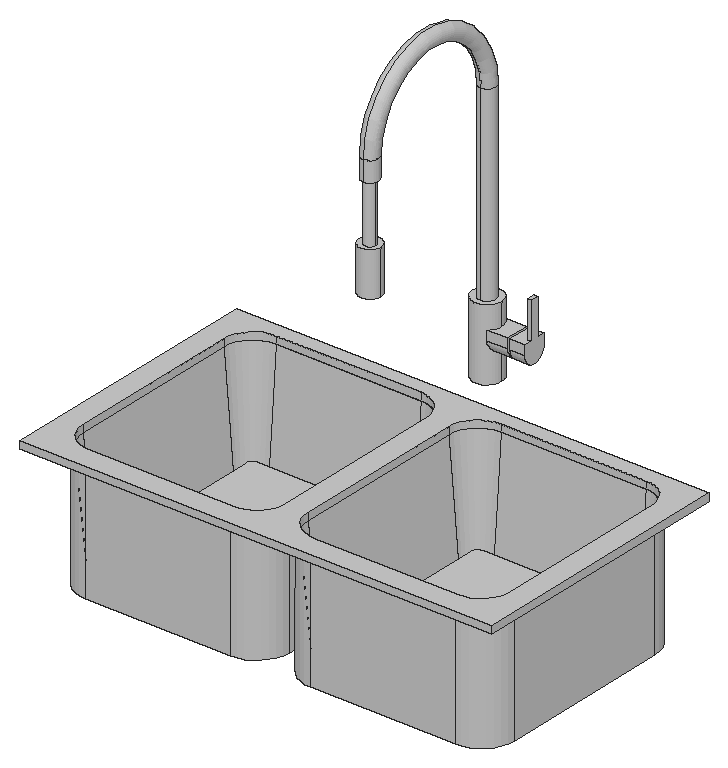
Revit family "AO_Plumb_SinkKitchenDouble_IRVINE_CO", category Plumbing Fixtures, Revit 2019
Family settings
  Round Connector Dimension = Use Diameter
  Part Type = Normal
  OmniClass Number = 23.45.05.14.14
  OmniClass Title = Sinks/Lavatories
  Work Plane-Based = No
  Always vertical = Yes
  Cut with Voids When Loaded = No
  Shared = Yes
  Room Calculation Point = No
Parameters (values of type "30" Standard")
  Keynote = "301"
  Assembly Code = "D2010410"
  Counter Height = 3' - 0"
  Depth = 1' - 6 1/2"
  Faucet Material = Metal - Steel, Polished
  Sink Material = Metal - Steel, Polished
  Width = 2' - 8 1/4"
  ADA [instance] = yes
Reference planes (in)
  plane 1 "Center (Front/Back)": y = 0.34234
  plane 2: z = 0
  plane 3 "Center (Left/Right)": x = 0.61769
  plane 4: y = 9.34234
  plane 5: y = -9.15766
  plane 6: x = -15.50731
  plane 7: x = 16.74269
  plane 8 "Top Of Counter": z = 36
  plane 9: z = 36.5
  plane 10: z = 27.5
  plane 11: y = 8.34234
  plane 12: x = -14.00731
  plane 13: y = -7.65766
  plane 14: x = 15.24269
  plane 15: y = 10.59234
  plane 16: y = 10.59234
  plane 17: z = 56.375
  plane 18: y = 4.71734
  plane 19: z = 39
  plane 20: z = 40.875
  plane 21: x = -6.69481
  plane 22: x = 7.93019
  plane 23: z = 27.875
  plane 24: z = 108
  plane 25: z = 58.875
  plane 26: z = 52.5
  plane 27: y = 0.59234
  plane 28: y = 0.59234
  plane 29: z = 48.5
  plane 30: z = 34.5
  plane 31: x = -0.13231
  plane 32: x = 1.36769
Forms (in)
  Sweep 1, solid, material "Metal - Steel, Polished" <- "Faucet Material"
    path origin (0.61769, 1.75, 0) x (0, 1, 0) y (0, 0, 1)
      loop
        line (8.84234, 36.5) -> (8.84234, 53.875)
        arc (8.84234, 53.875) -> (3.84234, 58.875) -> (-1.15766, 53.875) r 5
        line (-1.15766, 53.875) -> (-1.15766, 52.5)
    profile origin (0.61769, 0, 45.1875) x (0, -1, 0) y (1, 0, 0)
      loop
        circle (-10.59234, 0) r 0.5625
  Extrusion 2, solid, material "Metal - Steel, Polished" <- "Faucet Material"
    sketch origin (0, 1.75, 0) x (1, 0, 0) y (0, 1, 0)
      loop
        circle (0.61769, 8.84234) r 1
    from 36 to 40.875
  Extrusion 3, solid, material "Metal - Steel, Polished" <- "Faucet Material"
    sketch origin (0, -7.75, 0) x (1, 0, 0) y (0, 1, 0)
      loop
        circle (0.61769, 8.34234) r 0.75
    from 45.5 to 48.5
  Extrusion 4, solid, material "Metal - Steel, Polished" <- "Faucet Material"
    sketch origin (0, -7.75, 0) x (1, 0, 0) y (0, 1, 0)
      loop
        circle (0.61769, 8.34234) r 0.375
    from 48.5 to 52.5
  Extrusion 5, solid, material "Metal - Steel, Polished" <- "Faucet Material"
    sketch origin (14.36769, -6.90766, 26) x (0, 1, 0) y (0, 0, 1)
      loop
        arc (16.6875, 12.6875) -> (17.5, 11.875) -> (18.3125, 12.6875) r 0.8125
        line (18.3125, 12.6875) -> (18.3125, 13.375) -> (16.6875, 13.375) -> (16.6875, 12.6875)
    from -13.18134 to -11.70286
  Extrusion 6, solid, material "Metal - Steel, Polished"
    sketch origin (14.36769, -6.90766, 26) x (0, 1, 0) y (0, 0, 1)
      loop
        arc (16.6875, 12.6875) -> (17.5, 11.875) -> (18.3125, 12.6875) r 0.8125
        line (18.3125, 12.6875) -> (18.3125, 13.375) -> (16.6875, 13.375) -> (16.6875, 12.6875)
    from -11.52567 to -10.51558
  Extrusion 7, solid, material "Metal - Steel, Polished"
    sketch origin (3.8521, -6.90766, 26) x (0, 1, 0) y (0, 0, 1)
      loop
        line (17.25, 13.375) -> (17.75, 13.375) -> (17.75, 15.875) -> (17.25, 15.875) -> (17.25, 13.375)
    from -0.25 to 0
  Sweep 8, solid, material "Metal - Steel, Polished" <- "Sink Material"
    path origin (0, 0.08988, -1.5) x (1, 0, 0) y (0, 1, 0)
      loop
        arc (-12.00731, 8.25245) -> (-13.42153, 7.66667) -> (-14.00731, 6.25245) r 2
        line (-14.00731, 6.25245) -> (-14.00731, -5.74755)
        arc (-14.00731, -5.74755) -> (-13.42153, -7.16176) -> (-12.00731, -7.74755) r 2
        line (-12.00731, -7.74755) -> (-2.13231, -7.74755)
        arc (-2.13231, -7.74755) -> (-0.7181, -7.16176) -> (-0.13231, -5.74755) r 2
        line (-0.13231, -5.74755) -> (-0.13231, 6.25245)
        arc (-0.13231, 6.25245) -> (-0.7181, 7.66667) -> (-2.13231, 8.25245) r 2
        line (-2.13231, 8.25245) -> (-12.00731, 8.25245)
    profile origin (-7.06981, 0, 0) x (0, 1, 0) y (0, 0, 1)
      loop
        line (8.34234, 34.5) -> (7.69139, 27.05963)
        arc (7.69139, 27.05963) -> (7.45094, 26.57204) -> (6.94424, 26.375) r 0.75
        line (6.94424, 26.375) -> (6.84234, 26.375) -> (6.84234, 26) -> (8.59234, 26) -> (8.59234, 34.5) -> (8.34234, 34.5)
  Extrusion 9, solid, material "Metal - Steel, Polished" <- "Sink Material"
    sketch origin (-0.096, 0.08988, 0) x (1, 0, 0) y (0, 1, 0)
      loop
        arc (-11.91131, 6.75245) -> (-12.26487, 6.60601) -> (-12.41131, 6.25245) r 0.5
        line (-12.41131, 6.25245) -> (-12.41131, -5.74755)
        arc (-12.41131, -5.74755) -> (-12.26487, -6.1011) -> (-11.91131, -6.24755) r 0.5
        line (-11.91131, -6.24755) -> (-2.03631, -6.24755)
        arc (-2.03631, -6.24755) -> (-1.68276, -6.1011) -> (-1.53631, -5.74755) r 0.5
        line (-1.53631, -5.74755) -> (-1.53631, 6.25245)
        arc (-1.53631, 6.25245) -> (-1.68276, 6.60601) -> (-2.03631, 6.75245) r 0.5
        line (-2.03631, 6.75245) -> (-11.91131, 6.75245)
      loop
        circle (-6.59881, 0.25245) r 1
    from 27.5 to 27.875
  Sweep 10, solid, material "Metal - Steel, Polished" <- "Sink Material"
    path origin (1.13937, 0.08988, -1.5) x (-1, 0, 0) y (0, -1, 0)
      loop
        line (-12.10331, -8.25245) -> (-2.22831, -8.25245)
        arc (-2.22831, -8.25245) -> (-0.8141, -7.66667) -> (-0.22831, -6.25245) r 2
        line (-0.22831, -6.25245) -> (-0.22831, 5.74755)
        arc (-0.22831, 5.74755) -> (-0.8141, 7.16176) -> (-2.22831, 7.74755) r 2
        line (-2.22831, 7.74755) -> (-12.10331, 7.74755)
        arc (-12.10331, 7.74755) -> (-13.51753, 7.16176) -> (-14.10331, 5.74755) r 2
        line (-14.10331, 5.74755) -> (-14.10331, -6.25245)
        arc (-14.10331, -6.25245) -> (-13.51753, -7.66667) -> (-12.10331, -8.25245) r 2
    profile origin (8.30519, 0, 0) x (0, -1, 0) y (0, 0, 1)
      loop
        line (-8.34234, 34.5) -> (-8.59234, 34.5) -> (-8.59234, 26) -> (-6.84234, 26) -> (-6.84234, 26.375) -> (-6.94424, 26.375)
        arc (-6.94424, 26.375) -> (-7.45094, 26.57204) -> (-7.69139, 27.05963) r 0.75
        line (-7.69139, 27.05963) -> (-8.34234, 34.5)
  Extrusion 11, solid, material "Metal - Steel, Polished" <- "Sink Material"
    sketch origin (-0.096, 0.08988, 0) x (1, 0, 0) y (0, 1, 0)
      loop
        arc (3.46369, 6.75245) -> (3.11013, 6.60601) -> (2.96369, 6.25245) r 0.5
        line (2.96369, 6.25245) -> (2.96369, -5.74755)
        arc (2.96369, -5.74755) -> (3.11013, -6.1011) -> (3.46369, -6.24755) r 0.5
        line (3.46369, -6.24755) -> (13.33869, -6.24755)
        arc (13.33869, -6.24755) -> (13.69224, -6.1011) -> (13.83869, -5.74755) r 0.5
        line (13.83869, -5.74755) -> (13.83869, 6.25245)
        arc (13.83869, 6.25245) -> (13.69224, 6.60601) -> (13.33869, 6.75245) r 0.5
        line (13.33869, 6.75245) -> (3.46369, 6.75245)
      loop
        circle (8.02619, 0.25245) r 1
    from 27.5 to 27.875
  Extrusion 12, solid, material "Metal - Steel, Polished" <- "Sink Material"
    sketch origin (0, 0, -1.5) x (1, 0, 0) y (0, 1, 0)
      loop
        line (-15.50731, 9.34234) -> (-15.50731, -9.15766) -> (16.74269, -9.15766) -> (16.74269, 9.34234) -> (-15.50731, 9.34234)
      loop
        arc (-12.00731, 8.34234) -> (-13.42153, 7.75655) -> (-14.00731, 6.34234) r 2
        line (-14.00731, 6.34234) -> (-14.00731, -5.65766)
        arc (-14.00731, -5.65766) -> (-13.42153, -7.07187) -> (-12.00731, -7.65766) r 2
        line (-12.00731, -7.65766) -> (-2.13231, -7.65766)
        arc (-2.13231, -7.65766) -> (-0.7181, -7.07187) -> (-0.13231, -5.65766) r 2
        line (-0.13231, -5.65766) -> (-0.13231, 6.34234)
        arc (-0.13231, 6.34234) -> (-0.7181, 7.75655) -> (-2.13231, 8.34234) r 2
        line (-2.13231, 8.34234) -> (-12.00731, 8.34234)
      loop
        arc (13.24269, -7.65766) -> (14.6569, -7.07187) -> (15.24269, -5.65766) r 2
        line (15.24269, -5.65766) -> (15.24269, 6.34234)
        arc (15.24269, 6.34234) -> (14.6569, 7.75655) -> (13.24269, 8.34234) r 2
        line (13.24269, 8.34234) -> (3.36769, 8.34234)
        arc (3.36769, 8.34234) -> (1.95347, 7.75655) -> (1.36769, 6.34234) r 2
        line (1.36769, 6.34234) -> (1.36769, -5.65766)
        arc (1.36769, -5.65766) -> (1.95347, -7.07187) -> (3.36769, -7.65766) r 2
        line (3.36769, -7.65766) -> (13.24269, -7.65766)
    from 36 to 36.5
Cuts and joins
  joined: Sweep 1, Extrusion 2, Extrusion 5
  joined: Extrusion 6, Extrusion 7
Lines and regions (in)
  symbolic lines
    curve 1: line (-14.00731, 6.34234, 36) -> (-14.00731, -5.65766, 36)
    curve 2: line (-12.00731, -7.65766, 36) -> (-2.13231, -7.65766, 36)
    curve 3: line (15.24269, -5.65766, 36) -> (15.24269, 6.34234, 36)
    curve 4: line (13.24269, 8.34234, 36) -> (3.36769, 8.34234, 36)
    curve 5: arc (15.24269, 6.34234, 36) -> (14.6569, 7.75655, 36) -> (13.24269, 8.34234, 36) r 2
    curve 6: arc (13.24269, -7.65766, 36) -> (14.6569, -7.07187, 36) -> (15.24269, -5.65766, 36) r 2
    curve 7: arc (-14.00731, -5.65766, 36) -> (-13.42153, -7.07187, 36) -> (-12.00731, -7.65766, 36) r 2
    curve 8: arc (-12.00731, 8.34234, 36) -> (-13.42153, 7.75655, 36) -> (-14.00731, 6.34234, 36) r 2
    curve 9: arc (1.11769, 7.09234, 36) -> (0.61769, 7.59234, 36) -> (0.11769, 7.09234, 36) r 0.5
    curve 10: line (0.11769, 7.09234, 36) -> (0.11769, 2.34234, 36)
    curve 11: line (1.11769, 7.09234, 36) -> (1.11769, 2.34234, 36)
    curve 12: arc (1.11769, 2.34234, 36) -> (0.61769, 1.84234, 36) -> (0.11769, 2.34234, 36) r 0.5
    curve 13: line (3.36769, -7.65766, 36) -> (13.24269, -7.65766, 36)
    curve 14: line (-2.13231, 8.34234, 36) -> (-12.00731, 8.34234, 36)
  symbolic lines, style "InvisibleLines"
    curve 15: line (0.61769, 0.34234, 108) -> (0.61769, 0.34234, 0)
Dimensions and locks (in)
  equal spacing: plane 6, plane 3 "Center (Left/Right)", plane 7
  "Width": plane 6 to plane 7
  "Depth": plane 5 to plane 4
  "Counter Height": plane 8 "Top Of Counter" to plane 2
  locked: plane 9 to plane 8 "Top Of Counter" at 0.5
  locked: plane 8 "Top Of Counter" to plane 10 at 8.5
  locked: plane 6 to plane 12 at 1.5
  locked: plane 14 to plane 7 at 1.5
  plane 11 to plane 4 = 0' - 1"
  locked: plane 5 to plane 13 at 1.5
  plane 11 to plane 4 to plane 15 = 0' - 1", 0' - 1 1/4"
  plane 16 to plane 4 to plane 11 = 0' - 1 1/4", 0' - 1"
  locked: plane 16 to plane 18 at 5.875
  plane 17 to plane 9 = 1' - 7 7/8"
  plane 19 to plane 9 = 0' - 2 1/2"
  plane 20 to plane 9 = 0' - 4 3/8"
  equal spacing: plane 12, plane 21, plane 3 "Center (Left/Right)"
  equal spacing: plane 3 "Center (Left/Right)", plane 22, plane 14
  equal spacing: plane 13, plane 1 "Center (Front/Back)", plane 11
  locked: plane 23 to plane 10 at 0.375
  locked: nested 1 to plane 5 at 1
  plane 9 to plane 26 = 1' - 4"
  Sweep 1 sketch curve to Sweep 1 sketch curve = 0' - 10"
  plane 13 to plane 11 = 1' - 4"
  plane 8 "Top Of Counter" to plane 30 = 0' - 1 1/2"
  plane 31 to plane 32 = 0' - 1 1/2"
  plane 11 to plane 5 = 1' - 5 1/2"
  plane 13 to plane 5 = 0' - 1 1/2"
  plane 4 to plane 11 = 0' - 1"
  aligned and locked: Sweep 1 sketch curve to plane 16
  aligned and locked: Extrusion 2 to plane 20
  aligned and locked: nested 1 to plane 3 "Center (Left/Right)"
  aligned and locked: nested 2 to plane 3 "Center (Left/Right)"
  aligned and locked: nested 2 to plane 5
  aligned and locked: curve 15 to plane 3 "Center (Left/Right)"
  aligned and locked: Sweep 8 to Extrusion 9 sketch curve  (x4)
Automatic sketch dimensions
  plane 9 to Sweep 1 sketch curve = 0' - 0"
  Sweep 1 sketch curve to plane 26 = 0' - 0"
  plane 26 to Sweep 1 sketch curve = 0' - 1 3/8"
  Sweep 1 sketch curve to Sweep 1 sketch curve = 0' - 0"  (x2)
  Sweep 1 sketch curve to plane 3 "Center (Left/Right)" = 0' - 0"
  Sweep 1 sketch curve to profile plane = 0' - 0"
  profile plane to Sweep 1 sketch curve = 0' - 0 9/16"
  plane 15 to Extrusion 2 sketch curve = 0' - 0"
  Extrusion 2 sketch curve to plane 3 "Center (Left/Right)" = 0' - 0"
  Extrusion 2 sketch curve to plane 3 "Center (Left/Right)" = 0' - 1"
  curve 9 to plane 3 "Center (Left/Right)" = 0' - 0"
  plane 11 to curve 14 = 0' - 0"
  plane 11 to curve 5 = 0' - 0"
  curve 1 to plane 12 = 0' - 0"
  curve 3 to plane 14 = 0' - 0"
  plane 13 to curve 13 = 0' - 0"
  plane 13 to curve 7 = 0' - 0"
  plane 3 "Center (Left/Right)" to curve 11 = 0' - 0 1/2"
  plane 4 to curve 11 = 0' - 2 1/4"
  plane 11 to curve 1 = 0' - 2"
  plane 11 to curve 3 = 0' - 2"
  curve 12 to plane 1 "Center (Front/Back)" = 0' - 2"
  curve 3 to plane 13 = 0' - 2"
  curve 1 to plane 13 = 0' - 2"
  curve 15 to level = 0' - 0"
  curve 15 to plane 24 = 0' - 0"
  Extrusion 3 sketch curve to Extrusion 3 sketch curve = 0' - 0"  (x2)
  plane 27 to Extrusion 3 sketch curve = 0' - 0"
  Extrusion 3 sketch curve to plane 3 "Center (Left/Right)" = 0' - 0"
  Extrusion 3 sketch curve to plane 3 "Center (Left/Right)" = 0' - 0 3/4"
  Extrusion 4 sketch curve to Extrusion 4 sketch curve = 0' - 0"  (x2)
  plane 28 to Extrusion 4 sketch curve = 0' - 0"
  Extrusion 4 sketch curve to plane 3 "Center (Left/Right)" = 0' - 0"
  Extrusion 4 sketch curve to plane 3 "Center (Left/Right)" = 0' - 0 3/8"
  Extrusion 5 sketch curve to Extrusion 5 sketch curve = 0' - 0 13/16"
  Extrusion 5 sketch curve to Extrusion 5 sketch curve = 0' - 0 11/16"
  Extrusion 6 sketch curve to Extrusion 6 sketch curve = 0' - 0 13/16"
  Extrusion 6 sketch curve to Extrusion 6 sketch curve = 0' - 0 11/16"
  Extrusion 7 sketch curve to Extrusion 6 = 0' - 0"
  Extrusion 7 sketch curve to Extrusion 7 sketch curve = 0' - 0 1/2"
  Extrusion 7 sketch curve to Extrusion 7 sketch curve = 0' - 2 1/2"
  Extrusion 7 sketch curve to Extrusion 6 = 0' - 0 9/16"
  curve 2 to plane 3 "Center (Left/Right)" = 0' - 2 3/4"
  plane 3 "Center (Left/Right)" to curve 13 = 0' - 2 3/4"
  plane 3 "Center (Left/Right)" to curve 4 = 0' - 2 3/4"
  curve 14 to plane 3 "Center (Left/Right)" = 0' - 2 3/4"
  plane 12 to Sweep 8 sketch curve = 0' - 0"
  Sweep 8 sketch curve to plane 13 = 0' - 0"
  Sweep 8 sketch curve to plane 12 = 0' - 2"  (x2)
  Sweep 8 sketch curve to plane 11 = 0' - 0"
  Sweep 8 sketch curve to plane 3 "Center (Left/Right)" = 0' - 2 3/4"  (x2)
  Sweep 8 sketch curve to plane 3 "Center (Left/Right)" = 0' - 0 3/4"
  Sweep 8 sketch curve to profile plane = 0' - 0"
  profile plane to Sweep 8 sketch curve = 0' - 0.65095"
  Sweep 8 sketch curve to Sweep 8 sketch curve = 0' - 0.74715"
  Sweep 8 sketch curve to Sweep 8 sketch curve = 0' - 0.10191"
  Sweep 8 sketch curve to Sweep 8 sketch curve = 0' - 0 1/4"
  Sweep 8 sketch curve to Sweep 8 sketch curve = 0' - 0 3/8"
  Sweep 8 sketch curve to Sweep 8 sketch curve = 0' - 0.68463"
  Sweep 8 sketch curve to Sweep 8 sketch curve = 0' - 7.44037"
  Extrusion 9 sketch curve to Extrusion 9 sketch curve = 0' - 0"  (x2)
  Extrusion 9 sketch curve to Extrusion 9 sketch curve = 0' - 0 1/2"  (x4)
  plane 21 to Extrusion 9 sketch curve = 0' - 0"
  Extrusion 9 sketch curve to plane 1 "Center (Front/Back)" = 0' - 0"
  Extrusion 9 sketch curve to Extrusion 9 sketch curve = 0' - 1"
  plane 14 to Sweep 10 sketch curve = 0' - 0"
  Sweep 10 sketch curve to plane 13 = 0' - 0"
  plane 14 to Sweep 10 sketch curve = 0' - 2"
  Sweep 10 sketch curve to Sweep 10 sketch curve = 0' - 2"
  Sweep 10 sketch curve to plane 11 = 0' - 0"
  plane 3 "Center (Left/Right)" to Sweep 10 sketch curve = 0' - 2 3/4"  (x2)
  plane 3 "Center (Left/Right)" to Sweep 10 sketch curve = 0' - 0 3/4"
  Sweep 10 sketch curve to profile plane = 0' - 0"
  profile plane to Sweep 10 sketch curve = 0' - 0 1/4"
  Sweep 10 sketch curve to profile plane = 0' - 0.65095"
  Sweep 10 sketch curve to Sweep 10 sketch curve = 0' - 0.74715"
  Sweep 10 sketch curve to Sweep 10 sketch curve = 0' - 0.10191"
  Sweep 10 sketch curve to Sweep 10 sketch curve = 0' - 0 3/8"
  Sweep 10 sketch curve to Sweep 10 sketch curve = 0' - 0.68463"
  Sweep 10 sketch curve to Sweep 10 sketch curve = 0' - 7.44037"
  plane 3 "Center (Left/Right)" to Extrusion 11 sketch curve = 0' - 2 1/4"
  Extrusion 11 sketch curve to Extrusion 11 sketch curve = 0' - 0 1/2"  (x3)
  plane 22 to Extrusion 11 sketch curve = 0' - 0"
  plane 14 to Extrusion 11 sketch curve = 0' - 2"  (x2)
  Extrusion 11 sketch curve to plane 1 "Center (Front/Back)" = 0' - 0"
  Extrusion 11 sketch curve to plane 13 = 0' - 2"
  Extrusion 11 sketch curve to Extrusion 11 sketch curve = 0' - 1"
  Extrusion 5 sketch curve to plane 19 = 0' - 0 3/8"
  Extrusion 5 sketch curve to plane 11 = 0' - 1 7/16"
  Extrusion 6 sketch curve to plane 19 = 0' - 0 3/8"
  Extrusion 6 sketch curve to plane 11 = 0' - 1 7/16"
  plane 5 to Extrusion 12 sketch curve = 0' - 0"
  Extrusion 12 sketch curve to plane 6 = 0' - 0"
  Extrusion 12 sketch curve to plane 12 = 0' - 0"
  plane 11 to Extrusion 12 sketch curve = 0' - 0"  (x2)
  plane 13 to Extrusion 12 sketch curve = 0' - 0"  (x2)
  Extrusion 12 sketch curve to plane 31 = 0' - 0"
  Extrusion 12 sketch curve to plane 32 = 0' - 0"
  Extrusion 12 sketch curve to plane 14 = 0' - 0"
  plane 4 to Extrusion 12 sketch curve = 0' - 0"
  Extrusion 12 sketch curve to plane 7 = 0' - 0"
  Extrusion 12 sketch curve to Extrusion 12 sketch curve = 0' - 2"  (x5)
  plane 11 to Extrusion 12 sketch curve = 0' - 2"
  Extrusion 12 sketch curve to plane 32 = 0' - 2"
  plane 14 to Extrusion 12 sketch curve = 0' - 2"
  plane 11 to Extrusion 11 sketch curve = 0' - 2"
Nested families (in)
  nested 1: "ADA_3048" at (0.61769, -34.15766, 0), visible <- "ADA", type "ADA_3048"
  nested 2: "ADA_3048" at (0.61769, -24.15766, 0) x (0, 1, 0) z (0, 0, 1), visible <- "ADA", type "ADA_3048"
Definition of nested family "ADA_3048"
  Parameters (values of type "ADA_3048")
    Assembly Code = ""
  Reference planes (in)
    plane 1 "Center (Front/Back)": y = 0
    plane 2: z = 0
    plane 3 "Center (Left/Right)": x = 0
  Lines and regions (in)
    model lines
      curve 1: line (15, 24, 0) -> (-15, 24, 0)
      curve 2: line (-15, 24, 0) -> (-15, -24, 0)
      curve 3: line (-15, -24, 0) -> (15, -24, 0)
      curve 4: line (15, -24, 0) -> (15, 24, 0)
  Dimensions and locks (in)
    curve 2 to curve 4 = 2' - 6"
    curve 3 to curve 1 = 4' - 0"
